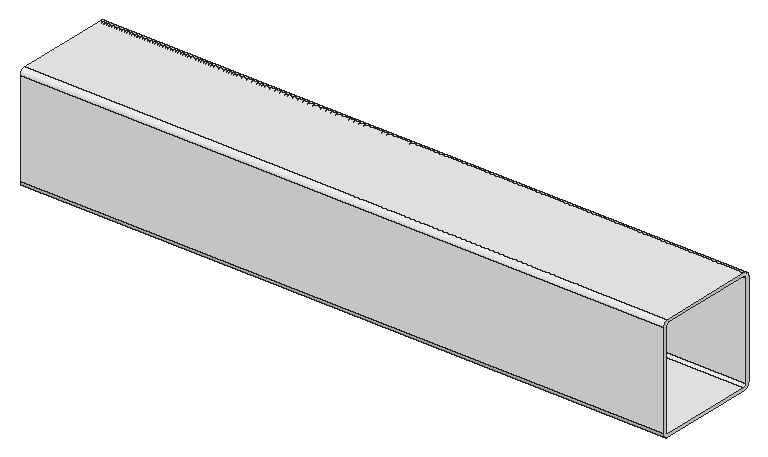
Revit family "Hollo", category Structural Framing, Revit 2023
Family settings
  Structural Framing Length Roundoff = 0 mm
  Section Shape = Not Defined
  Material for Model Behavior = Steel
  Always export as geometry = No
  OmniClass Number = 23.25.30.11.14.14
  OmniClass Title = Beams
  Always vertical = Yes
  Cut with Voids When Loaded = No
  Symbolic Representation = From Project Settings
  Shared = No
  Show family pre-cut in plan views = Yes
Parameters (values of type "200x200x5SHS")
  Structural Material [instance] = Steel, 45-345
  Perimeter = 0
  Nominal Weight = 0.00 kgf/m
  Length [instance] = 1000 mm
  b = 200 mm
  h = 200 mm
  tr = 2 * t  # 10 mm
  t = 5 mm
  A = 38.70 m²
Reference planes
  plane 1 "Center (Front/Back)": y = 0
  plane 2: z = 0
  plane 3 "Center (Left/Right)": x = 4.61
  plane 4 "Member Left": x = -604.99
  plane 5 "Member Right": x = 614.21
  plane 6: y = 100
  plane 7: y = -100
  plane 8 "Top": z = 100
  plane 9: z = -100
  plane 10 "Left": x = -757.39
  plane 11 "Right": x = 242.61
Forms (mm)
  Sweep 1, solid, material "Steel, 45-345" <- "Structural Material", detail levels medium
    path origin (0, 0, 0) x (1, 0, 0) y (0, 1, 0)
      loop
        line (614.21, 0) -> (-604.99, 0)
    profile "M_Hollow-Structural-Section-Profile-Medium : M_Hollow-Structural-Section-Profile-Medium" origin (4.61, 0, 0) x (0, -1, 0) y (0, 0, 1)
      loop
        line (-95, 95) -> (-95, -95) -> (95, -95) -> (95, 95) -> (-95, 95)
      loop
        line (-100, -100) -> (100, -100) -> (100, 100) -> (-100, 100) -> (-100, -100)
  Sweep 2, solid, material "Steel, 45-345" <- "Structural Material", detail levels fine
    path origin (0, 0, 0) x (1, 0, 0) y (0, 1, 0)
      loop
        line (614.21, 0) -> (-604.99, 0)
    profile "M_Hollow-Structural-Section-Profile-Fine : M_Hollow-Structural-Section-Profile-Fine" origin (4.61, 0, 0) x (0, -1, 0) y (0, 0, 1)
      loop
        arc (-90, 95) -> (-93.536, 93.536) -> (-95, 90) r 5
        line (-95, 90) -> (-95, -90)
        arc (-95, -90) -> (-93.536, -93.536) -> (-90, -95) r 5
        line (-90, -95) -> (90, -95)
        arc (90, -95) -> (93.536, -93.536) -> (95, -90) r 5
        line (95, -90) -> (95, 90)
        arc (95, 90) -> (93.536, 93.536) -> (90, 95) r 5
        line (90, 95) -> (-90, 95)
      loop
        arc (-100, -90) -> (-97.071, -97.071) -> (-90, -100) r 10
        line (-90, -100) -> (90, -100)
        arc (90, -100) -> (97.071, -97.071) -> (100, -90) r 10
        line (100, -90) -> (100, 90)
        arc (100, 90) -> (97.071, 97.071) -> (90, 100) r 10
        line (90, 100) -> (-90, 100)
        arc (-90, 100) -> (-97.071, 97.071) -> (-100, 90) r 10
        line (-100, 90) -> (-100, -90)
Lines and regions (mm)
  symbolic lines, style "Hidden Faces", detail levels medium+fine
    curve 1: line (614.21, -95, 0) -> (-604.99, -95, 0)
    curve 2: line (614.21, 95, 0) -> (-604.99, 95, 0)
    curve 3: line (-604.99, 0, 95) -> (614.21, 0, 95)
    curve 4: line (-604.99, 0, -95) -> (614.21, 0, -95)
  symbolic lines, style "Stick Symbols", detail levels coarse
    curve 5: line (4.61, 100, 100) -> (4.61, -100, 100)
    curve 6: line (4.61, 100, -100) -> (4.61, 100, 100)
    curve 7: line (4.61, -100, 100) -> (4.61, -100, -100)
    curve 8: line (4.61, -100, -100) -> (4.61, 100, -100)
Dimensions and locks
  "b": plane 6 to plane 7
  "h": plane 9 to plane 8 "Top"
  equal spacing: plane 9, plane 2, plane 8 "Top"
  equal spacing: plane 6, plane 1 "Center (Front/Back)", plane 7
  "t": plane 6 to curve 2
  "t": curve 1 to plane 7
  "t": plane 8 "Top" to curve 3
  "t": curve 4 to plane 9
  "Length": plane 10 "Left" to plane 11 "Right"
  aligned and locked: plane 4 "Member Left" to curve 3
  aligned and locked: plane 5 "Member Right" to curve 3
  aligned and locked: plane 4 "Member Left" to curve 4
  aligned and locked: plane 5 "Member Right" to curve 4
  aligned and locked: Sweep 1 sketch curve to plane 1 "Center (Front/Back)"
  aligned and locked: Sweep 2 sketch curve to plane 1 "Center (Front/Back)"
  aligned and locked: curve 5 to Sweep 1
  aligned and locked: curve 6 to Sweep 1
  aligned and locked: curve 7 to Sweep 1
  aligned and locked: curve 8 to Sweep 1
  aligned and locked: plane 4 "Member Left" to Sweep 2 sketch curve
  aligned and locked: plane 5 "Member Right" to Sweep 2 sketch curve
  aligned and locked: plane 4 "Member Left" to Sweep 1 sketch curve
  aligned and locked: plane 5 "Member Right" to Sweep 1 sketch curve
  aligned and locked: plane 4 "Member Left" to curve 1
  aligned and locked: plane 4 "Member Left" to curve 2
  aligned and locked: plane 5 "Member Right" to curve 1
  aligned and locked: plane 5 "Member Right" to curve 2
